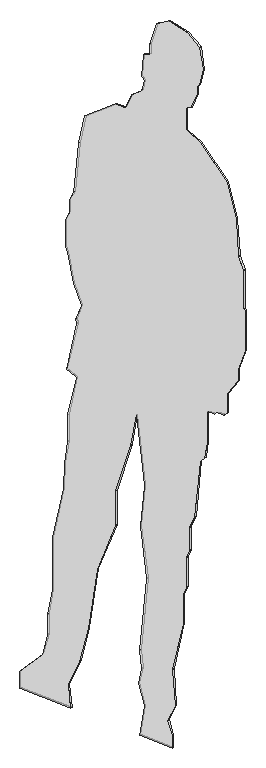
Revit family "Flat Man 06", category Entourage, Revit 2015
Parameters
  Flat Material [instance] = none
  Height = 0 mm
Reference planes
  plane 1 "Center (Front/Back)": y = 0
  plane 2: z = 0
  plane 3 "Center (Left/Right)": x = 0
Forms (mm)
  Extrusion 1, solid, material <- "Flat Material"
    sketch origin (0, 0, 0) x (1, 0, 0) y (0, 0, 1)
      loop
        line (111.688, 0) -> (111.688, 32.688) -> (99.561, 66.005) -> (120.209, 110.285) -> (113.691, 203.495) -> (143.196, 331.295) -> (143.196, 405.061) -> (153.588, 427.346) -> (153.588, 506.03) -> (162.955, 526.119) -> (162.955, 585.132) -> (177.504, 616.331) -> (193.237, 765.276) -> (206.021, 778.06) -> (213.706, 821.647) -> (213.706, 900.331) -> (233.377, 900.331) -> (240.332, 907.286) -> (260.003, 907.286) -> (270.07, 917.353) -> (270.07, 966.53) -> (301.098, 1010.842) -> (301.098, 1040.349) -> (321.282, 1095.803) -> (321.282, 1199.076) -> (318.201, 1202.156) -> (318.201, 1300.511) -> (303.653, 1331.71) -> (295.509, 1424.791) -> (269.565, 1509.652) -> (193.063, 1586.155) -> (152.95, 1604.86) -> (152.95, 1658.955) -> (165.911, 1666.002) -> (184.616, 1706.115) -> (184.616, 1726.716) -> (190.799, 1732.9) -> (200.755, 1776.025) -> (191.24, 1829.99) -> (154.984, 1855.377) -> (102.276, 1867.545) -> (68.192, 1849.012) -> (47.945, 1787.545) -> (47.945, 1761.311) -> (29.093, 1756.066) -> (22.924, 1697.376) -> (31.26, 1689.041) -> (24.623, 1660.29) -> (-3.576, 1640.545) -> (-22.281, 1600.433) -> (-50.016, 1600.433) -> (-138.641, 1538.377) -> (-156.127, 1462.635) -> (-170.007, 1330.583) -> (-182.927, 1308.204) -> (-182.927, 1273.78) -> (-195.221, 1252.485) -> (-195.221, 1183.637) -> (-188.986, 1170.266) -> (-171.981, 1096.609) -> (-149.12, 1047.582) -> (-164.258, 1005.992) -> (-161.712, 996.491) -> (-191.581, 867.115) -> (-163.854, 857.023) -> (-188.191, 751.606) -> (-188.191, 682.757) -> (-197.423, 624.471) -> (-200.89, 558.309) -> (-232.972, 419.349) -> (-232.972, 286.57) -> (-244.927, 218.768) -> (-244.927, 167.332) -> (-260.201, 110.33) -> (-326.271, 44.26) -> (-326.271, 0) -> (-178.738, 0) -> (-186.951, 58.439) -> (-153.698, 129.751) -> (-128.719, 222.972) -> (-103.332, 383.26) -> (-50.213, 515.964) -> (-50.213, 604.483) -> (-6.506, 737.132) -> (8.233, 820.72) -> (32.657, 646.938) -> (21.291, 539.346) -> (39.47, 410) -> (19.162, 217.753) -> (25.322, 173.924) -> (13.866, 131.172) -> (32.368, 80.339) -> (18.202, 0) -> (111.688, 0)
    from -2.5 to 2.5
Lines and regions (mm)
  model lines
    curve 1: line (0, 148, 0) -> (0, -152, 0)
    curve 2: line (148.202, -0.202, 0) -> (-151.798, -0.202, 0)
Dimensions and locks
  aligned and locked: level to plane 2
